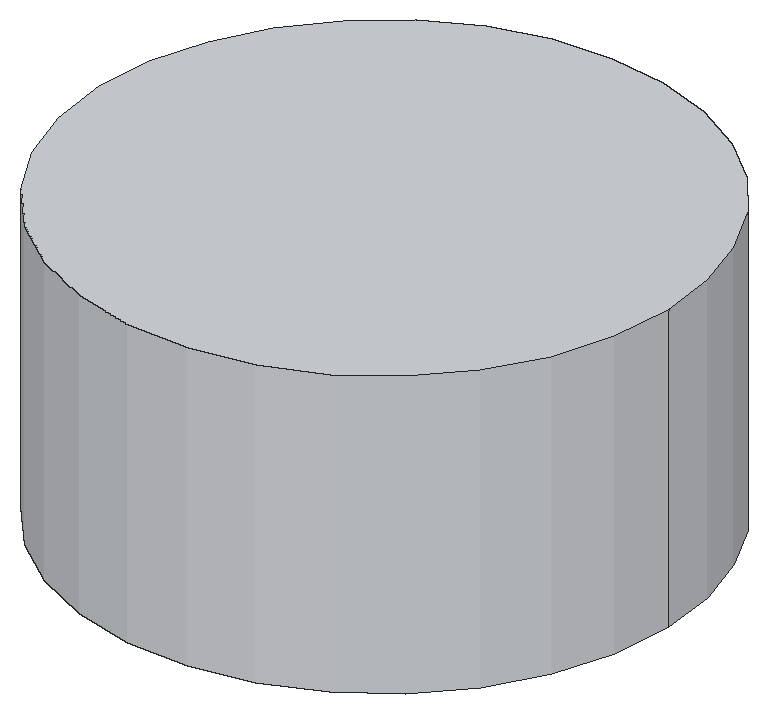
Revit family "08761000", category Specialty Equipment, Revit 2024
Family settings
  Round Connector Dimension = Use Diameter
  Part Type = Normal
  OmniClass Number = 23.40.40.00
  OmniClass Title = Food Service Equipment and Furnishings
  Work Plane-Based = No
  Enable Cutting in Views = Yes
  Always vertical = Yes
  Cut with Voids When Loaded = No
  Maintain Annotation Orientation = No
  Shared = No
  Room Calculation Point = No
Parameters (values of type "Standard")
  URL = "https://www.rustfriebergh.no/produkter/varmeplater-2/rbvp-um"
  SoveliaReference = yes
  Part Number = "08761000"
  Original Part Number = 8700004
  Model = "08761000"
  Manufacturer = "Rustfriebergh AS"
  Designer = "GeirG"
  Design State = 1
  Description = "Varmeplate RBVP-UM-1GN"
  Default Elevation = 0 mm
  Creation Date = "05.03.2021"
  Author = "GeirG"
Reference planes
  plane 1 "Center (Front/Back)": y = 0
  plane 2: z = 0
  plane 3 "Center (Left/Right)": x = 0
Forms (mm)
  Extrusion 1, solid
    sketch origin (40.641, -232.5, -187.25) x (1, 0, 0) y (0, 1, 0)
      loop
        circle (0, 0) r 3.048
    from 0 to -3.048
Dimensions and locks
  aligned and locked: level to plane 2
Connectors
  electrical at (40.641, -232.5, -187.25)
    settings: on Extrusion 1, index 1, voltage 230 V, apparent load 400 VA, apparent load phase1 0 VA, apparent load phase2 0 VA, apparent load phase3 0 VA, power factor 0, load classification "Other", number of poles 1, system type 30, power factor state 1, is connector primary yes, connector utility no, sub classification motor no, connector description "Strømart"
